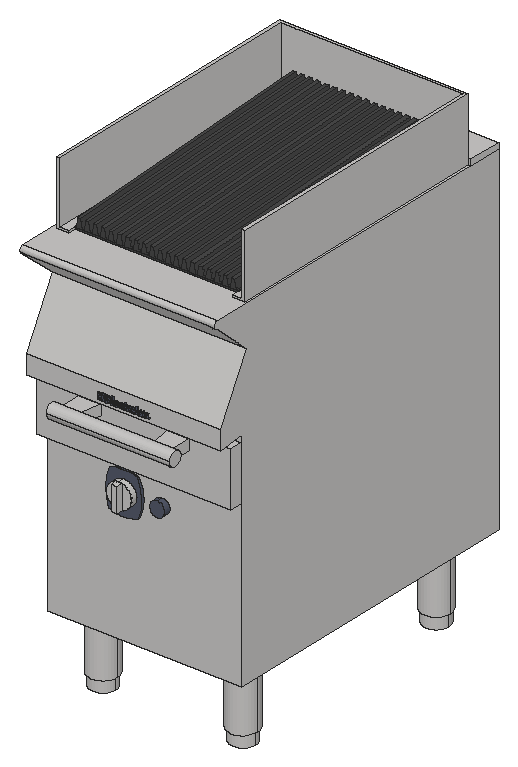
Revit family "QF_ELECTROLUXPROFESSIONAL_371237_E7GRGDGCFU", category Specialty Equipment, Revit 2018
Family settings
  Round Connector Dimension = Use Diameter
  Part Type = Normal
  Work Plane-Based = No
  Always vertical = Yes
  Cut with Voids When Loaded = No
  Shared = No
  Room Calculation Point = No
Parameters
  Width = 400.05 mm  # constant formula
  Weight in Pounds = 88  # constant formula
  Watts = 0 W
  URL Cutsheet = "www.electrolux.com/foodservice"
  URL = "www.electrolux.com/foodservice"
  Type Mark [instance] = ""
  Status [instance] = ""
  Specification by User [instance] = ""
  Specification by Manufacturer = ""
  Show Logo [instance] = yes
  Show Clearance [instance] = yes
  Serial Number = ""
  Seismic Rating = ""
  SMACNA No = ""
  Revision Code [instance] = ""
  Omniclass Number and Title = ""
  NAFEM Spec ID Number = ""
  Model = "371046"
  Mechanical Remarks = ""
  Mechanical Connection Type = ""
  Masterspec = ""
  Manufacturer = "ELECTROLUX"
  Item Number [instance] = ""
  Installed By [instance] = ""
  Identify Quantity as Lot [instance] = yes
  Height = 333.375 mm  # constant formula
  HP = "0 HP"
  Gas Size = 12.7 mm  # 1/2"
  Gas RI Height [instance] = 0 mm
  Gas KW = 8  # constant formula
  Gas Input [instance] = 7992.63 VA  # 27272.0 Btu/h
  Gas Connection Height = 0 mm
  Furnished By [instance] = ""
  Foodservice Equipment Identifier [instance] = yes
  Direct Waste Size = 0"
  Description = "700XP Half Module Freestanding Gas Char-Grill"
  Depth = 730.25 mm  # constant formula
  CSI MasterFormat = ""
  CSI Master Format = ""
  Base Height [instance] = 150 mm  # constant formula
  Assembly Code = ""
Reference planes
  plane 1 "BACK": y = 0
  plane 2: z = 0
  plane 3 "LEFT": x = 0
  plane 4 "RIGHT": x = 400.05
  plane 5 "FRONT": y = -730.25
  plane 6 "TOP": z = 982
  plane 7 "Center Y": x = 200.025
  plane 8 "Center X": y = -365.125
  plane 9 "BASE": z = 601
  plane 10 "TOP A": z = 851
  plane 11: y = -587.387
  plane 12: y = -90
  plane 13: z = 150
  plane 14: y = -754.062
Forms (mm)
  Extrusion 1, solid, material "QF_Finishes_Stainless Steel"
    sketch origin (0, 0, 0) x (0, 1, 0) y (0, 0, 1)
      loop
        line (0, 851) -> (-722.928, 851)
        arc (-722.928, 851) -> (-729.69, 846.314) -> (-727.679, 838.336) r 7.223
        line (-727.679, 838.336) -> (-646.919, 767.809) -> (-713.772, 646.19) -> (-713.772, 608.09) -> (-660.4, 613.7) -> (-660.4, 150) -> (0, 150) -> (0, 851)
      loop
        line (-687.387, 601) -> (-687.387, 487.732) -> (-661.987, 487.732) -> (-661.987, 601) -> (-687.387, 601)
    from 0 to 400.05
  Extrusion 2, solid, material "QF_Finishes_Navy Blue", visible <- "Show Logo"
    sketch origin (-140, -713.772, 608.09) x (0, 0, 1) y (-1, 0, 0)
      loop
        line (20.674, -296.698) -> (8.307, -296.698)
        arc (8.307, -296.698) -> (14.491, -301.27) -> (20.674, -296.698) r 6.467
      loop
        arc (20.674, -296.069) -> (19.505, -290.926) -> (14.849, -288.448) r 6.338
        line (14.849, -288.448) -> (14.849, -290.494)
        arc (14.849, -290.494) -> (16.333, -294.149) -> (19.778, -296.069) r 5.941
        line (19.778, -296.069) -> (20.674, -296.069)
      loop
        arc (9.203, -296.069) -> (12.648, -294.149) -> (14.132, -290.494) r 5.941
        line (14.132, -290.494) -> (14.132, -288.448)
        arc (14.132, -288.448) -> (9.438, -290.922) -> (8.148, -296.069) r 6.504
        line (8.148, -296.069) -> (9.203, -296.069)
      loop
        line (21.349, -287.979) -> (7.604, -287.979) -> (7.604, -301.742) -> (21.349, -301.742) -> (21.349, -287.979)
      loop
        arc (21.432, -304.71) -> (21.085, -304.352) -> (20.718, -304.69) r 0.358
        arc (20.718, -304.69) -> (20.404, -305.44) -> (19.687, -305.825) r 1.216
        line (19.687, -305.825) -> (9.274, -305.825)
        arc (9.274, -305.825) -> (8.614, -305.548) -> (8.218, -304.951) r 1.238
        arc (8.218, -304.951) -> (7.823, -304.7) -> (7.518, -305.054) r 0.358
        line (7.518, -305.054) -> (7.518, -314.933) -> (10.269, -314.933) -> (10.269, -314.036)
        arc (10.269, -314.036) -> (9.36, -313.456) -> (8.904, -312.479) r 1.928
        line (8.904, -312.479) -> (8.904, -309.98)
        arc (8.904, -309.98) -> (9.18, -309.251) -> (9.868, -308.887) r 1.101
        line (9.868, -308.887) -> (13.955, -308.887) -> (13.955, -312.561)
        arc (13.955, -312.561) -> (13.602, -313.058) -> (13.037, -313.286) r 1.083
        arc (13.037, -313.286) -> (12.773, -313.591) -> (13.065, -313.869) r 0.292
        line (13.065, -313.869) -> (16.028, -313.869)
        arc (16.028, -313.869) -> (16.33, -313.596) -> (16.092, -313.266) r 0.305
        arc (16.092, -313.266) -> (15.601, -313.018) -> (15.296, -312.561) r 1.083
        line (15.296, -312.561) -> (15.296, -308.887) -> (19.973, -308.887) -> (19.973, -312.635)
        arc (19.973, -312.635) -> (19.759, -313.39) -> (19.153, -313.888) r 1.314
        arc (19.153, -313.888) -> (18.934, -314.292) -> (19.288, -314.585) r 0.361
        line (19.288, -314.585) -> (21.432, -314.585) -> (21.432, -304.71)
      loop
        arc (20.715, -315.365) -> (20.335, -316.284) -> (19.416, -316.664) r 1.299
        line (19.416, -316.664) -> (9.837, -316.664)
        arc (9.837, -316.664) -> (8.999, -316.286) -> (8.728, -315.408) r 1.118
        line (8.728, -315.408) -> (7.518, -315.408) -> (7.518, -320.758) -> (8.706, -320.758)
        arc (8.706, -320.758) -> (8.978, -319.841) -> (9.848, -319.445) r 1.153
        line (9.848, -319.445) -> (21.92, -319.445) -> (20.715, -315.365)
      loop
        line (12.483, -323.394) -> (12.483, -329.842) -> (13.282, -329.842)
        arc (13.282, -329.842) -> (15.862, -328.857) -> (17.131, -326.404) r 3.874
        line (17.131, -326.404) -> (17.131, -324.643)
        arc (17.131, -324.643) -> (15.944, -321.778) -> (13.08, -320.592) r 4.051
        line (13.08, -320.592) -> (11.072, -320.592)
        arc (11.072, -320.592) -> (8.253, -322.077) -> (7.202, -325.084) r 4.352
        arc (7.202, -325.084) -> (7.566, -327.547) -> (8.943, -329.621) r 5.713
        line (8.943, -329.621) -> (9.892, -329.621)
        arc (9.892, -329.621) -> (9.16, -328.052) -> (8.943, -326.334) r 5.579
        arc (8.943, -326.334) -> (9.737, -324.371) -> (11.616, -323.394) r 3.057
        line (11.616, -323.394) -> (12.483, -323.394)
      loop
        line (13.742, -323.394) -> (13.742, -326.977)
        arc (13.742, -326.977) -> (15.199, -327.024) -> (16.082, -325.864) r 1.59
        line (16.082, -325.864) -> (16.082, -325.034)
        arc (16.082, -325.034) -> (15.217, -323.779) -> (13.742, -323.394) r 2.184
      loop
        arc (16.533, -339.259) -> (17.022, -337.585) -> (17.179, -335.848) r 9.023
        line (17.179, -335.848) -> (17.179, -334.486)
        arc (17.179, -334.486) -> (16.02, -331.686) -> (13.22, -330.527) r 3.959
        line (13.22, -330.527) -> (10.62, -330.527)
        arc (10.62, -330.527) -> (8.338, -331.819) -> (7.221, -334.192) r 4.331
        line (7.221, -334.192) -> (7.221, -336.327)
        arc (7.221, -336.327) -> (7.729, -337.877) -> (8.651, -339.223) r 5.772
        arc (8.651, -339.223) -> (9.412, -339.274) -> (9.499, -338.515) r 0.553
        arc (9.499, -338.515) -> (9.111, -337.781) -> (8.977, -336.962) r 2.573
        line (8.977, -336.962) -> (8.977, -335.447)
        arc (8.977, -335.447) -> (9.983, -333.806) -> (11.798, -333.163) r 2.884
        line (11.798, -333.163) -> (13.077, -333.163)
        arc (13.077, -333.163) -> (14.898, -333.723) -> (15.824, -335.388) r 2.554
        line (15.824, -335.388) -> (15.824, -336.441)
        arc (15.824, -336.441) -> (15.493, -337.369) -> (14.836, -338.104) r 2.564
        arc (14.836, -338.104) -> (14.614, -338.821) -> (15.223, -339.259) r 0.643
        line (15.223, -339.259) -> (16.533, -339.259)
      loop
        line (15.515, -339.53) -> (15.515, -341.031) -> (9.467, -341.031)
        arc (9.467, -341.031) -> (7.879, -341.688) -> (7.221, -343.276) r 2.246
        line (7.221, -343.276) -> (7.221, -344.86)
        arc (7.221, -344.86) -> (7.535, -345.725) -> (8.035, -346.496) r 4.06
        arc (8.035, -346.496) -> (8.768, -346.629) -> (9.019, -345.928) r 0.576
        arc (9.019, -345.928) -> (8.913, -345.403) -> (8.977, -344.87) r 1.69
        arc (8.977, -344.87) -> (9.519, -344.082) -> (10.425, -343.779) r 1.506
        line (10.425, -343.779) -> (15.563, -343.779) -> (15.563, -346.176) -> (16.119, -346.733) -> (16.941, -346.733) -> (16.941, -343.873) -> (20.172, -343.873) -> (15.515, -339.53)
      loop
        line (7.438, -347.63) -> (7.438, -353.017) -> (8.548, -353.017)
        arc (8.548, -353.017) -> (8.942, -352.066) -> (9.893, -351.672) r 1.345
        line (9.893, -351.672) -> (13.509, -351.672)
        arc (13.509, -351.672) -> (14.274, -352.264) -> (14.564, -353.186) r 1.615
        line (14.564, -353.186) -> (14.564, -354.742) -> (17.119, -355.427) -> (17.119, -354.044) -> (15.177, -351.485) -> (17.057, -351.485) -> (16.773, -348.779)
        arc (16.773, -348.779) -> (16.333, -348.249) -> (15.674, -348.45) r 0.621
        arc (15.674, -348.45) -> (15.274, -348.792) -> (14.78, -348.975) r 1.501
        line (14.78, -348.975) -> (9.893, -348.975)
        arc (9.893, -348.975) -> (8.942, -348.581) -> (8.548, -347.63) r 1.345
        line (8.548, -347.63) -> (7.438, -347.63)
      loop
        line (13.54, -354.964) -> (10.848, -354.964)
        arc (10.848, -354.964) -> (8.403, -356.272) -> (7.269, -358.803) r 4.288
        arc (7.269, -358.803) -> (7.205, -360.183) -> (7.269, -361.563) r 15.022
        arc (7.269, -361.563) -> (8.403, -364.094) -> (10.848, -365.401) r 4.288
        line (10.848, -365.401) -> (13.54, -365.401)
        arc (13.54, -365.401) -> (15.986, -364.094) -> (17.119, -361.563) r 4.288
        arc (17.119, -361.563) -> (17.183, -360.183) -> (17.119, -358.803) r 15.022
        arc (17.119, -358.803) -> (15.986, -356.272) -> (13.54, -354.964) r 4.288
      loop
        line (13.745, -358.078) -> (10.643, -358.078)
        arc (10.643, -358.078) -> (8.486, -360.235) -> (10.643, -362.392) r 2.157
        line (10.643, -362.392) -> (13.745, -362.392)
        arc (13.745, -362.392) -> (15.902, -360.235) -> (13.745, -358.078) r 2.157
      loop
        arc (20.726, -365.26) -> (20.355, -366.154) -> (19.461, -366.524) r 1.264
        line (19.461, -366.524) -> (9.597, -366.524)
        arc (9.597, -366.524) -> (8.727, -366.127) -> (8.455, -365.211) r 1.153
        line (8.455, -365.211) -> (7.518, -365.211) -> (7.518, -370.319) -> (8.446, -370.319)
        arc (8.446, -370.319) -> (8.805, -369.547) -> (9.597, -369.232) r 1.153
        line (9.597, -369.232) -> (21.92, -369.232) -> (20.726, -365.26)
      loop
        arc (15.846, -369.857) -> (15.647, -370.921) -> (14.678, -371.403) r 1.215
        line (14.678, -371.403) -> (9.658, -371.403)
        arc (9.658, -371.403) -> (8.043, -372.051) -> (7.322, -373.634) r 2.338
        line (7.322, -373.634) -> (7.322, -375.148)
        arc (7.322, -375.148) -> (7.497, -376.152) -> (7.999, -377.038) r 2.979
        line (7.999, -377.038) -> (7.518, -378.835) -> (7.518, -380.524) -> (16.943, -380.524) -> (16.649, -376.32) -> (15.863, -376.32)
        arc (15.863, -376.32) -> (15.507, -377.156) -> (14.755, -377.665) r 1.605
        line (14.755, -377.665) -> (9.652, -377.665)
        arc (9.652, -377.665) -> (9.232, -376.728) -> (9.159, -375.704) r 2.94
        arc (9.159, -375.704) -> (9.72, -374.603) -> (10.873, -374.16) r 1.724
        line (10.873, -374.16) -> (17.07, -374.16) -> (15.846, -369.857)
      loop
        line (16.874, -381.377) -> (15.202, -383.423) -> (12.028, -385.729) -> (8.572, -382.617)
        arc (8.572, -382.617) -> (8.335, -382.223) -> (8.357, -381.764) r 0.789
        line (8.357, -381.764) -> (7.518, -381.764) -> (7.518, -385.309) -> (8.344, -385.309)
        arc (8.344, -385.309) -> (8.686, -384.947) -> (9.176, -385.039) r 0.52
        line (9.176, -385.039) -> (10.976, -386.51) -> (8.858, -387.886)
        arc (8.858, -387.886) -> (8.457, -387.576) -> (8.37, -387.076) r 0.7
        line (8.37, -387.076) -> (7.518, -387.076) -> (7.518, -393.003) -> (8.405, -393.003)
        arc (8.405, -393.003) -> (8.472, -392.344) -> (8.866, -391.813) r 1.247
        line (8.866, -391.813) -> (13.066, -388.532) -> (15.513, -390.585) -> (16.874, -392.327) -> (16.874, -388.604) -> (15.389, -389.026) -> (13.868, -387.749) -> (15.568, -386.559) -> (16.874, -387.336) -> (16.874, -381.377)
    from 0 to 1.644
  Extrusion 3, solid, material "QF_Finishes_Clearance", visible <- "Show Clearance", detail levels coarse
    sketch origin (0, 0, 0) x (1, 0, 0) y (0, 1, 0)
      loop
        line (0, -730.25) -> (0, 0) -> (400.05, 0) -> (400.05, -730.25) -> (550.069, -730.25) -> (550.069, 150.019) -> (-150.019, 150.019) -> (-150.019, -730.25) -> (0, -730.25)
    from 0 to 982
  Revolve 4, solid, material "QF_Finishes_Stainless Steel"
    sketch origin (0, -587.387, 608.09) x (0, 0, 1) y (-1, 0, 0)
      loop
        line (-608.09, -56) -> (-458.09, -56) -> (-458.09, -26) -> (-583.09, -26) -> (-583.09, -29.75) -> (-608.09, -29.75) -> (-608.09, -56)
      axis (-608.09, -56) -> (-458.09, -56)
    angle from 0 to 360
  Revolve 5, solid, material "QF_Finishes_Stainless Steel"
    sketch origin (400.05, -587.387, 608.09) x (0, 0, 1) y (-1, 0, 0)
      loop
        line (-608.09, 56) -> (-608.09, 29.75) -> (-583.09, 29.75) -> (-583.09, 26) -> (-458.09, 26) -> (-458.09, 56) -> (-608.09, 56)
      axis (-608.09, 56) -> (-458.09, 56)
    angle from 0 to 360
  Revolve 6, solid, material "QF_Finishes_Stainless Steel"
    sketch origin (0, -90, 608.09) x (0, 0, 1) y (-1, 0, 0)
      loop
        line (-608.09, -56) -> (-458.09, -56) -> (-458.09, -26) -> (-583.09, -26) -> (-583.09, -29.75) -> (-608.09, -29.75) -> (-608.09, -56)
      axis (-608.09, -56) -> (-458.09, -56)
    angle from 0 to 360
  Revolve 7, solid, material "QF_Finishes_Stainless Steel"
    sketch origin (400.05, -90, 608.09) x (0, 0, 1) y (-1, 0, 0)
      loop
        line (-608.09, 56) -> (-608.09, 29.75) -> (-583.09, 29.75) -> (-583.09, 26) -> (-458.09, 26) -> (-458.09, 56) -> (-608.09, 56)
      axis (-608.09, 56) -> (-458.09, 56)
    angle from 0 to 360
  Extrusion 8, solid, material "QF_Finishes_Stainless Steel"
    sketch origin (-77.88, -4572, 150) x (-1, 0, 0) y (0, -1, 0)
      loop
        circle (-435.067, -4105.275) r 6.35
    from 3.2 to 0
  Extrusion 9, solid, material "QF_Finishes_Navy Blue"
    sketch origin (-0.598, -660.4, 355.674) x (0, 0, 1) y (-1, 0, 0)
      loop
        arc (105.947, -132.667) -> (68.865, -123.686) -> (31.333, -130.548) r 91.844
        arc (31.333, -130.548) -> (24.206, -161.19) -> (31.333, -191.833) r 69.441
        arc (31.333, -191.833) -> (68.854, -198.544) -> (105.947, -189.765) r 93.759
        arc (105.947, -189.765) -> (112.176, -161.216) -> (105.947, -132.667) r 68.543
    from 0 to 3.175
  Extrusion 10, solid, material "QF_Finishes_Stainless Steel"
    sketch origin (-0.598, -663.575, 355.674) x (0, 0, 1) y (-1, 0, 0)
      loop
        circle (68.826, -160.963) r 25.4
    from 0 to 12.7
  Extrusion 11, solid, material "QF_Finishes_Stainless Steel"
    sketch origin (-0.598, -676.275, 355.674) x (0, 0, 1) y (-1, 0, 0)
      loop
        arc (93.558, -166.749) -> (94.226, -160.963) -> (93.558, -155.177) r 25.4
        line (93.558, -155.177) -> (44.094, -155.177)
        arc (44.094, -155.177) -> (43.426, -160.963) -> (44.094, -166.749) r 25.4
        line (44.094, -166.749) -> (93.558, -166.749)
    from 0 to 12.7
  Extrusion 12, solid, material "QF_Finishes_Stainless Steel"
    sketch origin (-77.88, -4572, 150) x (-1, 0, 0) y (0, -1, 0)
      loop
        circle (-412.93, -4071) r 6.35
    from 50 to 48.4
  Extrusion 13, solid, material "QF_Finishes_Stainless Steel"
    sketch origin (200.025, 0, -2.5) x (0, 1, 0) y (0, 0, 1)
      loop
        circle (-740.063, 582.209) r 14
    from -127 to 127
  Extrusion 14, solid, material "QF_Finishes_Stainless Steel"
    sketch origin (-23.75, 0, 567.009) x (-1, 0, 0) y (0, -1, 0)
      loop
        line (-110.525, 741.563) -> (-144.518, 741.563) -> (-154.518, 687.387) -> (-110.525, 687.387) -> (-110.525, 741.563)
      loop
        line (-337.025, 741.563) -> (-337.025, 687.387) -> (-293.032, 687.387) -> (-303.032, 741.563) -> (-337.025, 741.563)
    from 0 to 21.491
  Extrusion 15, solid, material "QF_Finishes_Navy Blue"
    sketch origin (69.144, -660.4, 355.674) x (0, 0, 1) y (-1, 0, 0)
      loop
        circle (69.533, -167.488) r 15.24
    from 0 to 12.7
  Sweep 16, solid, material "QF_Finishes_Stainless Steel"
    path origin (0, 0, 851) x (0, -1, 0) y (1, 0, 0)
      loop
        line (644.885, 387.35) -> (76.2, 387.35) -> (76.2, 12.7) -> (644.885, 12.7)
    profile origin (12.7, -360.542, 851) x (1, 0, 0) y (0, 0, 1)
      loop
        line (-6.35, 0) -> (19.05, 0) -> (19.05, 3.2) -> (0, 3.2) -> (0, 131) -> (-6.35, 131) -> (-6.35, 0)
  Extrusion 17, solid, material "QF_Finishes_Black"
    sketch origin (200.025, 0, 0) x (0, 1, 0) y (0, 0, 1)
      loop
        line (-629.41, 851) -> (-76.2, 851) -> (-76.2, 883.24) -> (-629.41, 854.99) -> (-629.41, 851)
    from -168.275 to 168.275
  Extrusion 18, solid, material "QF_Finishes_Stainless Steel"
    sketch origin (0, 0, 851) x (0, -1, 0) y (1, 0, 0)
      loop
        line (69.85, 0) -> (69.85, 400.05) -> (0, 400.05) -> (0, 0) -> (69.85, 0)
    from 0 to 12.5
  Extrusion 19, solid, material "QF_Finishes_Drawer Clearance", visible <- "Show Clearance", detail levels coarse
    sketch origin (0, -687.387, 601) x (0, 0, -1) y (1, 0, 0)
      loop
        line (113.268, 400.05) -> (0, 400.05) -> (0, 0) -> (113.268, 0) -> (113.268, 400.05)
    from 0 to 676.275
Cuts and joins
  joined: Extrusion 13, Extrusion 14
Lines and regions (mm)
  symbolic lines, style "QF-Clearances", visible <- "Show Clearance", detail levels coarse
    curve 1: line (-150.019, 150.019, 851) -> (-150.019, -731.627, 851)
    curve 2: line (550.069, 150.019, 851) -> (-150.019, 150.019, 851)
    curve 3: line (550.069, -731.627, 851) -> (550.069, 150.019, 851)
  symbolic lines
    curve 4: line (0, 0, 851) -> (400.05, 0, 851)
    curve 5: line (0, -730.25, 851) -> (0, 0, 851)
    curve 6: line (400.05, 0, 851) -> (400.05, -730.25, 851)
    curve 7: line (0, -69.85, 851) -> (0, -63.012, 851)
    curve 8: line (400.05, -730.25, 851) -> (0, -730.25, 851)
    curve 9: line (0, -69.85, 851) -> (400.05, -69.85, 851)
    curve 20: line (31.75, -644.885, 851) -> (31.75, -76.2, 851)
    curve 21: line (368.3, -76.2, 851) -> (368.3, -644.885, 851)
    curve 22: line (73.025, -754.063, 851) -> (327.025, -754.063, 851)
    curve 23: line (73.025, -730.25, 851) -> (73.025, -754.063, 851)
    curve 24: line (327.025, -754.063, 851) -> (327.025, -730.25, 851)
    curve 25: line (31.75, -629.41, 851) -> (368.3, -629.41, 851)
  symbolic lines, style "QF_Drawer Clearance"
    curve 10: line (0, -730.25, 851) -> (0, -1363.662, 851)
    curve 11: line (0, -1363.662, 851) -> (400.05, -1363.663, 851)
    curve 12: line (400.05, -1363.663, 851) -> (400.05, -730.25, 851)
  symbolic lines, style "SpecialityEquipment"
    curve 13: line (6.35, -69.85, 851) -> (6.35, -644.885, 851)
    curve 14: line (6.35, -644.885, 851) -> (31.75, -644.885, 851)
    curve 15: line (12.7, -644.885, 851) -> (12.7, -76.2, 851)
    curve 16: line (12.7, -76.2, 851) -> (387.35, -76.2, 851)
    curve 17: line (387.35, -76.2, 851) -> (387.35, -644.885, 851)
    curve 18: line (368.3, -644.885, 851) -> (393.7, -644.885, 851)
    curve 19: line (393.7, -644.885, 851) -> (393.7, -69.85, 851)
Dimensions and locks
  equal spacing: plane 3 "LEFT", plane 7 "Center Y", plane 4 "RIGHT"
  "Width": plane 3 "LEFT" to plane 4 "RIGHT"
  equal spacing: plane 5 "FRONT", plane 8 "Center X", plane 1 "BACK"
  "Depth": plane 5 "FRONT" to plane 1 "BACK"
  plane 1 "BACK" to plane 5 "FRONT" = 730.25 mm
  locked: plane 10 "TOP A" to plane 9 "BASE" at 250
  "Base Height": plane 13 to level
  Extrusion 8 sketch curve to plane 1 "BACK" = 466.725 mm
  Extrusion 8 sketch curve to plane 4 "RIGHT" = 42.863 mm
  plane 6 "TOP" to level = 982 mm
  plane 1 "BACK" to plane 14 = 754.063 mm
  equal spacing: group 1, group 3, group 4, group 5, group 6, group 7, group 8, group 9, group 10, group 11, group 12, group 13, group 14, group 15, group 16, group 17, group 18, group 19, group 20, group 2  (x3)
  aligned and locked: level to plane 2
  aligned and locked: plane 4 "RIGHT" to Extrusion 1
  aligned and locked: plane 6 "TOP" to Extrusion 3
Automatic sketch dimensions
  Extrusion 1 sketch curve to plane 10 "TOP A" = 0 mm
  Extrusion 1 sketch curve to plane 9 "BASE" = 0 mm
  Extrusion 1 sketch curve to plane 13 = 0 mm
  Extrusion 1 sketch curve to plane 1 "BACK" = 0 mm
  plane 11 to Extrusion 1 sketch curve = 59.531 mm
  plane 9 "BASE" to Extrusion 1 sketch curve = 12.7 mm
  Extrusion 1 sketch curve to plane 5 "FRONT" = 69.85 mm
  Extrusion 1 sketch curve to Extrusion 1 sketch curve = 1.588 mm
  Extrusion 1 sketch curve to Extrusion 1 sketch curve = 25.4 mm
  plane 9 "BASE" to Extrusion 1 sketch curve = 7.09 mm
  Extrusion 1 sketch curve to plane 5 "FRONT" = 16.478 mm
  Extrusion 1 sketch curve to plane 5 "FRONT" = 7.322 mm
  Extrusion 1 sketch curve to plane 5 "FRONT" = 2.571 mm
  Extrusion 1 sketch curve to Extrusion 1 sketch curve = 113.268 mm
  Extrusion 1 sketch curve to Extrusion 1 sketch curve = 38.1 mm
  Extrusion 1 sketch curve to plane 10 "TOP A" = 83.191 mm
  Extrusion 1 sketch curve to plane 10 "TOP A" = 12.664 mm
  Extrusion 2 sketch curve to Extrusion 1 = 2.161 mm
  Extrusion 2 sketch curve to Extrusion 1 = 7.202 mm
  Extrusion 2 sketch curve to Extrusion 1 = 7.221 mm  (x2)
  Extrusion 2 sketch curve to Extrusion 2 sketch curve = 5.108 mm  (x2)
  Extrusion 2 sketch curve to Extrusion 2 sketch curve = 0 mm  (x27)
  Extrusion 2 sketch curve to Extrusion 1 = 7.322 mm
  Extrusion 2 sketch curve to Extrusion 2 sketch curve = 0.218 mm
  Extrusion 2 sketch curve to Extrusion 2 sketch curve = 0.195 mm
  Extrusion 2 sketch curve to Extrusion 2 sketch curve = 0.249 mm
  Extrusion 2 sketch curve to Extrusion 1 = 7.518 mm
  Extrusion 2 sketch curve to Extrusion 2 sketch curve = 0.087 mm
  Extrusion 2 sketch curve to Extrusion 2 sketch curve = 0.358 mm
  Extrusion 2 sketch curve to Extrusion 2 sketch curve = 0.481 mm
  Extrusion 2 sketch curve to Extrusion 2 sketch curve = 0.597 mm
  Extrusion 2 sketch curve to Extrusion 2 sketch curve = 0.544 mm
  Extrusion 2 sketch curve to Extrusion 2 sketch curve = 0.936 mm
  Extrusion 2 sketch curve to Extrusion 2 sketch curve = 0.594 mm
  Extrusion 2 sketch curve to Extrusion 2 sketch curve = 0.343 mm
  Extrusion 2 sketch curve to Extrusion 2 sketch curve = 0.159 mm
  Extrusion 2 sketch curve to Extrusion 2 sketch curve = 0.826 mm
  Extrusion 2 sketch curve to Extrusion 2 sketch curve = 0.839 mm
  Extrusion 2 sketch curve to Extrusion 2 sketch curve = 0.852 mm
  Extrusion 2 sketch curve to Extrusion 2 sketch curve = 0.887 mm
  Extrusion 2 sketch curve to Extrusion 2 sketch curve = 0.928 mm
  Extrusion 2 sketch curve to Extrusion 2 sketch curve = 0.938 mm
  Extrusion 2 sketch curve to Extrusion 2 sketch curve = 0.444 mm
  Extrusion 2 sketch curve to Extrusion 2 sketch curve = 1.11 mm  (x3)
  Extrusion 2 sketch curve to Extrusion 2 sketch curve = 0.215 mm
  Extrusion 2 sketch curve to Extrusion 2 sketch curve = 1.43 mm
  Extrusion 2 sketch curve to Extrusion 2 sketch curve = 1.188 mm
  Extrusion 2 sketch curve to Extrusion 2 sketch curve = 1.21 mm  (x2)
  Extrusion 2 sketch curve to Extrusion 2 sketch curve = 0.503 mm
  Extrusion 2 sketch curve to Extrusion 2 sketch curve = 0.488 mm
  Extrusion 2 sketch curve to Extrusion 2 sketch curve = 0.462 mm
  Extrusion 2 sketch curve to Extrusion 2 sketch curve = 1.386 mm
  Extrusion 2 sketch curve to Extrusion 2 sketch curve = 1.742 mm  (x2)
  Extrusion 2 sketch curve to Extrusion 2 sketch curve = 0.821 mm
  Extrusion 2 sketch curve to Extrusion 2 sketch curve = 0.497 mm
  Extrusion 2 sketch curve to Extrusion 2 sketch curve = 0.539 mm
  Extrusion 2 sketch curve to Extrusion 2 sketch curve = 0.686 mm
  Extrusion 2 sketch curve to Extrusion 2 sketch curve = 0.408 mm
  Extrusion 2 sketch curve to Extrusion 2 sketch curve = 0.743 mm
  Extrusion 2 sketch curve to Extrusion 2 sketch curve = 1.16 mm
  Extrusion 2 sketch curve to Extrusion 2 sketch curve = 0.329 mm
  Extrusion 2 sketch curve to Extrusion 2 sketch curve = 1.054 mm
  Extrusion 2 sketch curve to Extrusion 2 sketch curve = 1.056 mm
  Extrusion 2 sketch curve to Extrusion 2 sketch curve = 0.129 mm
  Extrusion 2 sketch curve to Extrusion 2 sketch curve = 0.489 mm
  Extrusion 2 sketch curve to Extrusion 2 sketch curve = 0.441 mm
  Extrusion 2 sketch curve to Extrusion 2 sketch curve = 1.151 mm
  Extrusion 2 sketch curve to Extrusion 2 sketch curve = 1.141 mm  (x2)
  Extrusion 2 sketch curve to Extrusion 2 sketch curve = 0.768 mm
  Extrusion 2 sketch curve to Extrusion 2 sketch curve = 1.653 mm
  Extrusion 2 sketch curve to Extrusion 2 sketch curve = 0.499 mm
  Extrusion 2 sketch curve to Extrusion 2 sketch curve = 0.964 mm
  Extrusion 2 sketch curve to Extrusion 2 sketch curve = 0.949 mm
  Extrusion 2 sketch curve to Extrusion 2 sketch curve = 1.345 mm  (x3)
  Extrusion 2 sketch curve to Extrusion 2 sketch curve = 0.137 mm  (x2)
  Extrusion 2 sketch curve to Extrusion 2 sketch curve = 0.432 mm
  Extrusion 2 sketch curve to Extrusion 2 sketch curve = 1.142 mm
  Extrusion 2 sketch curve to Extrusion 2 sketch curve = 0.959 mm
  Extrusion 2 sketch curve to Extrusion 2 sketch curve = 0.176 mm
  Extrusion 2 sketch curve to Extrusion 2 sketch curve = 0.728 mm
  Extrusion 2 sketch curve to Extrusion 2 sketch curve = 3.375 mm  (x2)
  Extrusion 2 sketch curve to Extrusion 2 sketch curve = 1.905 mm
  Extrusion 2 sketch curve to Extrusion 2 sketch curve = 0.955 mm
  Extrusion 2 sketch curve to Extrusion 2 sketch curve = 1.251 mm
  Extrusion 2 sketch curve to Extrusion 2 sketch curve = 0.572 mm
  Extrusion 2 sketch curve to Extrusion 2 sketch curve = 1.92 mm
  Extrusion 2 sketch curve to Extrusion 2 sketch curve = 1.224 mm
  Extrusion 2 sketch curve to Extrusion 2 sketch curve = 0.745 mm
  Extrusion 2 sketch curve to Extrusion 2 sketch curve = 2.537 mm
  Extrusion 2 sketch curve to Extrusion 2 sketch curve = 0.896 mm  (x3)
  Extrusion 2 sketch curve to Extrusion 2 sketch curve = 0.036 mm
  Extrusion 2 sketch curve to Extrusion 2 sketch curve = 2.607 mm
  Extrusion 2 sketch curve to Extrusion 2 sketch curve = 0.066 mm
  Extrusion 2 sketch curve to Extrusion 2 sketch curve = 0.248 mm
  Extrusion 2 sketch curve to Extrusion 2 sketch curve = 0.449 mm
  Extrusion 2 sketch curve to Extrusion 2 sketch curve = 1.052 mm
  Extrusion 2 sketch curve to Extrusion 2 sketch curve = 1.863 mm
  Extrusion 2 sketch curve to Extrusion 2 sketch curve = 1.31 mm  (x2)
  Extrusion 2 sketch curve to Extrusion 2 sketch curve = 0.901 mm
  Extrusion 2 sketch curve to Extrusion 2 sketch curve = 1.107 mm
  Extrusion 2 sketch curve to Extrusion 2 sketch curve = 2.122 mm
  Extrusion 2 sketch curve to Extrusion 2 sketch curve = 2.101 mm
  Extrusion 2 sketch curve to Extrusion 2 sketch curve = 0.106 mm
  Extrusion 2 sketch curve to Extrusion 2 sketch curve = 0.029 mm
  Extrusion 2 sketch curve to Extrusion 2 sketch curve = 2.09 mm
  Extrusion 2 sketch curve to Extrusion 2 sketch curve = 1.279 mm
  Extrusion 2 sketch curve to Extrusion 2 sketch curve = 2.008 mm
  Extrusion 2 sketch curve to Extrusion 2 sketch curve = 0.738 mm
  Extrusion 2 sketch curve to Extrusion 2 sketch curve = 0.382 mm
  Extrusion 2 sketch curve to Extrusion 2 sketch curve = 0.384 mm
  Extrusion 2 sketch curve to Extrusion 2 sketch curve = 0.002 mm
  Extrusion 2 sketch curve to Extrusion 2 sketch curve = 0.561 mm
  Extrusion 2 sketch curve to Extrusion 2 sketch curve = 0.592 mm
  Extrusion 2 sketch curve to Extrusion 2 sketch curve = 2.692 mm
  Extrusion 2 sketch curve to Extrusion 2 sketch curve = 1.259 mm
  Extrusion 2 sketch curve to Extrusion 2 sketch curve = 0.802 mm
  Extrusion 2 sketch curve to Extrusion 2 sketch curve = 1.024 mm
  Extrusion 2 sketch curve to Extrusion 2 sketch curve = 0.682 mm
  Extrusion 2 sketch curve to Extrusion 2 sketch curve = 5.934 mm
  Extrusion 2 sketch curve to Extrusion 2 sketch curve = 2.186 mm
  Extrusion 2 sketch curve to Extrusion 2 sketch curve = 0.337 mm
  Extrusion 2 sketch curve to Extrusion 2 sketch curve = 0.021 mm
  Extrusion 2 sketch curve to Extrusion 2 sketch curve = 1.005 mm
  Extrusion 2 sketch curve to Extrusion 2 sketch curve = 0.552 mm
  Extrusion 2 sketch curve to Extrusion 2 sketch curve = 0.778 mm
  Extrusion 2 sketch curve to Extrusion 2 sketch curve = 0.063 mm
  Extrusion 2 sketch curve to Extrusion 2 sketch curve = 1.023 mm
  Extrusion 2 sketch curve to Extrusion 2 sketch curve = 3.804 mm
  Extrusion 2 sketch curve to Extrusion 2 sketch curve = 0.486 mm
  Extrusion 2 sketch curve to Extrusion 2 sketch curve = 0.266 mm
  Extrusion 2 sketch curve to Extrusion 2 sketch curve = 1.547 mm
  Extrusion 2 sketch curve to Extrusion 2 sketch curve = 0.717 mm  (x2)
  Extrusion 2 sketch curve to Extrusion 2 sketch curve = 1.667 mm
  Extrusion 2 sketch curve to Extrusion 2 sketch curve = 3.174 mm
  Extrusion 2 sketch curve to Extrusion 2 sketch curve = 0.388 mm
  Extrusion 2 sketch curve to Extrusion 2 sketch curve = 1.342 mm
  Extrusion 2 sketch curve to Extrusion 2 sketch curve = 1.521 mm
  Extrusion 2 sketch curve to Extrusion 2 sketch curve = 0.124 mm
  Extrusion 2 sketch curve to Extrusion 2 sketch curve = 0.291 mm
  Extrusion 2 sketch curve to Extrusion 2 sketch curve = 1.049 mm  (x2)
  Extrusion 2 sketch curve to Extrusion 2 sketch curve = 1.7 mm
  Extrusion 2 sketch curve to Extrusion 2 sketch curve = 0.894 mm
  Extrusion 2 sketch curve to Extrusion 2 sketch curve = 0.989 mm
  Extrusion 2 sketch curve to Extrusion 2 sketch curve = 1.168 mm
  Extrusion 2 sketch curve to Extrusion 2 sketch curve = 1.594 mm
  Extrusion 2 sketch curve to Extrusion 2 sketch curve = 0.731 mm
  Extrusion 2 sketch curve to Extrusion 2 sketch curve = 1.566 mm
  Extrusion 2 sketch curve to Extrusion 2 sketch curve = 0.064 mm
  Extrusion 2 sketch curve to Extrusion 2 sketch curve = 0.556 mm  (x2)
  Extrusion 2 sketch curve to Extrusion 2 sketch curve = 0.48 mm
  Extrusion 2 sketch curve to Extrusion 2 sketch curve = 0.228 mm
  Extrusion 2 sketch curve to Extrusion 2 sketch curve = 1.018 mm
  Extrusion 2 sketch curve to Extrusion 2 sketch curve = 0.787 mm
  Extrusion 2 sketch curve to Extrusion 2 sketch curve = 0.618 mm
  Extrusion 2 sketch curve to Extrusion 2 sketch curve = 1.672 mm
  Extrusion 2 sketch curve to Extrusion 2 sketch curve = 1.361 mm
  Extrusion 2 sketch curve to Extrusion 2 sketch curve = 0.822 mm
  Extrusion 2 sketch curve to Extrusion 2 sketch curve = 0.069 mm
  Extrusion 2 sketch curve to Extrusion 2 sketch curve = 1.88 mm
  Extrusion 2 sketch curve to Extrusion 2 sketch curve = 0.42 mm
  Extrusion 2 sketch curve to Extrusion 2 sketch curve = 0.062 mm
  Extrusion 2 sketch curve to Extrusion 2 sketch curve = 1.355 mm
  Extrusion 2 sketch curve to Extrusion 2 sketch curve = 2.34 mm
  Extrusion 2 sketch curve to Extrusion 2 sketch curve = 0.493 mm
  Extrusion 2 sketch curve to Extrusion 2 sketch curve = 0.136 mm
  Extrusion 2 sketch curve to Extrusion 2 sketch curve = 0.128 mm
  Extrusion 2 sketch curve to Extrusion 2 sketch curve = 3.616 mm
  Extrusion 2 sketch curve to Extrusion 2 sketch curve = 4.207 mm
  Extrusion 2 sketch curve to Extrusion 2 sketch curve = 0.183 mm
  Extrusion 2 sketch curve to Extrusion 2 sketch curve = 0.895 mm
  Extrusion 2 sketch curve to Extrusion 2 sketch curve = 1.314 mm
  Extrusion 2 sketch curve to Extrusion 2 sketch curve = 3.231 mm
  Extrusion 2 sketch curve to Extrusion 2 sketch curve = 1.299 mm
  Extrusion 2 sketch curve to Extrusion 2 sketch curve = 1.214 mm
  Extrusion 2 sketch curve to Extrusion 2 sketch curve = 1.264 mm
  Extrusion 2 sketch curve to Extrusion 2 sketch curve = 0.109 mm
  Extrusion 2 sketch curve to Extrusion 2 sketch curve = 0.357 mm
  Extrusion 2 sketch curve to Extrusion 2 sketch curve = 0.565 mm
  Extrusion 2 sketch curve to Extrusion 2 sketch curve = 2.504 mm
  Extrusion 2 sketch curve to Extrusion 2 sketch curve = 2.459 mm
  Extrusion 1 to Extrusion 2 sketch curve = 147.047 mm
  Extrusion 2 sketch curve to Extrusion 2 sketch curve = 0.208 mm
  Extrusion 2 sketch curve to Extrusion 2 sketch curve = 0.468 mm  (x2)
  Extrusion 2 sketch curve to Extrusion 2 sketch curve = 1.559 mm
  Extrusion 2 sketch curve to Extrusion 2 sketch curve = 0.422 mm  (x2)
  Extrusion 2 sketch curve to Extrusion 2 sketch curve = 0.494 mm
  Extrusion 2 sketch curve to Extrusion 2 sketch curve = 3.927 mm
  Extrusion 2 sketch curve to Extrusion 2 sketch curve = 0.782 mm
  Extrusion 2 sketch curve to Extrusion 2 sketch curve = 1.268 mm
  Extrusion 2 sketch curve to Extrusion 2 sketch curve = 0.671 mm
  Extrusion 2 sketch curve to Extrusion 2 sketch curve = 0.777 mm
  Extrusion 2 sketch curve to Extrusion 2 sketch curve = 0.704 mm
  Extrusion 2 sketch curve to Extrusion 2 sketch curve = 0.781 mm  (x2)
  Extrusion 2 sketch curve to Extrusion 2 sketch curve = 1.634 mm
  Extrusion 2 sketch curve to Extrusion 2 sketch curve = 0.132 mm
  Extrusion 2 sketch curve to Extrusion 2 sketch curve = 3.136 mm
  Extrusion 2 sketch curve to Extrusion 2 sketch curve = 2.422 mm
  Extrusion 2 sketch curve to Extrusion 2 sketch curve = 0.586 mm
  Extrusion 2 sketch curve to Extrusion 2 sketch curve = 2.046 mm  (x2)
  Extrusion 2 sketch curve to Extrusion 2 sketch curve = 1.241 mm
  Extrusion 2 sketch curve to Extrusion 2 sketch curve = 1.689 mm
  Extrusion 2 sketch curve to Extrusion 2 sketch curve = 2.859 mm
  Extrusion 2 sketch curve to Extrusion 2 sketch curve = 0.627 mm
  Extrusion 2 sketch curve to Extrusion 2 sketch curve = 0.863 mm
  Extrusion 2 sketch curve to Extrusion 2 sketch curve = 0.419 mm
  Extrusion 2 sketch curve to Extrusion 2 sketch curve = 1.514 mm
  Extrusion 2 sketch curve to Extrusion 2 sketch curve = 1.019 mm
  Extrusion 2 sketch curve to Extrusion 2 sketch curve = 0.065 mm
  Extrusion 2 sketch curve to Extrusion 2 sketch curve = 1.215 mm
  Extrusion 2 sketch curve to Extrusion 2 sketch curve = 2.708 mm
  Extrusion 2 sketch curve to Extrusion 2 sketch curve = 1.122 mm
  Extrusion 2 sketch curve to Extrusion 2 sketch curve = 1.153 mm
  Extrusion 2 sketch curve to Extrusion 2 sketch curve = 3.009 mm
  Extrusion 2 sketch curve to Extrusion 2 sketch curve = 0.829 mm  (x2)
  Extrusion 2 sketch curve to Extrusion 2 sketch curve = 0.934 mm
  Extrusion 2 sketch curve to Extrusion 2 sketch curve = 3.376 mm
  Extrusion 2 sketch curve to Extrusion 2 sketch curve = 0.222 mm
  Extrusion 2 sketch curve to Extrusion 2 sketch curve = 1.383 mm
  Extrusion 2 sketch curve to Extrusion 2 sketch curve = 1.556 mm
  Extrusion 2 sketch curve to Extrusion 2 sketch curve = 2.559 mm
  Extrusion 2 sketch curve to Extrusion 2 sketch curve = 2.51 mm
  Extrusion 2 sketch curve to Extrusion 2 sketch curve = 0.131 mm
  Extrusion 2 sketch curve to Extrusion 2 sketch curve = 1.717 mm
  Extrusion 2 sketch curve to Extrusion 2 sketch curve = 1.134 mm
  Extrusion 2 sketch curve to Extrusion 2 sketch curve = 0.366 mm
  Extrusion 2 sketch curve to Extrusion 2 sketch curve = 0.094 mm
  Extrusion 2 sketch curve to Extrusion 2 sketch curve = 1.584 mm
  Extrusion 2 sketch curve to Extrusion 2 sketch curve = 1.501 mm
  Extrusion 2 sketch curve to Extrusion 2 sketch curve = 0.27 mm
  Extrusion 2 sketch curve to Extrusion 2 sketch curve = 1.808 mm
  Extrusion 2 sketch curve to Extrusion 2 sketch curve = 0.643 mm
  Extrusion 2 sketch curve to Extrusion 2 sketch curve = 0.916 mm
  Extrusion 2 sketch curve to Extrusion 2 sketch curve = 0.352 mm
  Extrusion 2 sketch curve to Extrusion 2 sketch curve = 0.458 mm
  Extrusion 2 sketch curve to Extrusion 2 sketch curve = 1.282 mm
  Extrusion 2 sketch curve to Extrusion 2 sketch curve = 1.363 mm
  Extrusion 2 sketch curve to Extrusion 2 sketch curve = 0.685 mm
  Extrusion 2 sketch curve to Extrusion 2 sketch curve = 0.905 mm
  Extrusion 2 sketch curve to Extrusion 2 sketch curve = 2.865 mm
  Extrusion 2 sketch curve to Extrusion 2 sketch curve = 0.472 mm
  Extrusion 2 sketch curve to Extrusion 2 sketch curve = 0.101 mm
  Extrusion 2 sketch curve to Extrusion 2 sketch curve = 0.54 mm
  Extrusion 2 sketch curve to Extrusion 2 sketch curve = 0.02 mm
  Extrusion 2 sketch curve to Extrusion 2 sketch curve = 0.582 mm
  Extrusion 2 sketch curve to Extrusion 2 sketch curve = 0.166 mm
  Extrusion 2 sketch curve to Extrusion 2 sketch curve = 0.16 mm
  Extrusion 2 sketch curve to Extrusion 2 sketch curve = 2.781 mm
  Extrusion 2 sketch curve to Extrusion 2 sketch curve = 1.118 mm
  Extrusion 2 sketch curve to Extrusion 2 sketch curve = 0.613 mm
  Extrusion 2 sketch curve to Extrusion 2 sketch curve = 0.361 mm
  Extrusion 2 sketch curve to Extrusion 2 sketch curve = 0.897 mm
  Extrusion 2 sketch curve to Extrusion 2 sketch curve = 0.167 mm
  Extrusion 2 sketch curve to Extrusion 2 sketch curve = 0.292 mm
  Extrusion 2 sketch curve to Extrusion 2 sketch curve = 0.305 mm
  Extrusion 2 sketch curve to Extrusion 2 sketch curve = 1.557 mm
  Extrusion 2 sketch curve to Extrusion 2 sketch curve = 2.499 mm
  Extrusion 2 sketch curve to Extrusion 2 sketch curve = 3.062 mm
  Extrusion 2 sketch curve to Extrusion 2 sketch curve = 2.968 mm
  Extrusion 2 sketch curve to Extrusion 2 sketch curve = 5.044 mm
  Extrusion 2 sketch curve to Extrusion 2 sketch curve = 0.629 mm  (x2)
  Extrusion 2 sketch curve to Extrusion 2 sketch curve = 1.131 mm
  Extrusion 2 sketch curve to Extrusion 2 sketch curve = 0.027 mm
  Extrusion 2 sketch curve to Extrusion 2 sketch curve = 2.235 mm
  plane 5 "FRONT" to Extrusion 3 sketch curve = 0 mm  (x2)
  plane 1 "BACK" to Extrusion 3 sketch curve = 0 mm
  Extrusion 3 sketch curve to plane 3 "LEFT" = 0 mm
  Extrusion 3 sketch curve to plane 4 "RIGHT" = 0 mm
  Extrusion 3 sketch curve to plane 3 "LEFT" = 150.019 mm
  Extrusion 3 sketch curve to Extrusion 3 sketch curve = 150.019 mm
  Extrusion 3 sketch curve to plane 1 "BACK" = 150.019 mm
  Revolve 4 sketch curve to level = 0 mm
  Revolve 4 sketch curve to plane 13 = 0 mm  (x2)
  level to Revolve 4 sketch curve = 25 mm
  Revolve 4 sketch curve to Revolve 4 sketch curve = 20 mm
  plane 3 "LEFT" to Revolve 4 sketch curve = 56 mm
  Revolve 4 sketch curve to Revolve 4 sketch curve = 0 mm
  plane 3 "LEFT" to Revolve 4 sketch curve = 29.75 mm
  plane 3 "LEFT" to Revolve 4 sketch curve = 26 mm
  Revolve 5 sketch curve to level = 0 mm
  Revolve 5 sketch curve to plane 13 = 0 mm  (x2)
  level to Revolve 5 sketch curve = 25 mm
  Revolve 5 sketch curve to Revolve 5 sketch curve = 20 mm
  Revolve 5 sketch curve to plane 4 "RIGHT" = 26 mm
  Revolve 5 sketch curve to Revolve 5 sketch curve = 3.75 mm
  Revolve 5 sketch curve to Revolve 5 sketch curve = 30 mm
  Revolve 5 sketch curve to Revolve 5 sketch curve = 0 mm
  Revolve 6 sketch curve to level = 0 mm
  Revolve 6 sketch curve to plane 13 = 0 mm  (x2)
  level to Revolve 6 sketch curve = 25 mm
  Revolve 6 sketch curve to Revolve 6 sketch curve = 20 mm
  plane 3 "LEFT" to Revolve 6 sketch curve = 56 mm
  Revolve 6 sketch curve to Revolve 6 sketch curve = 0 mm
  plane 3 "LEFT" to Revolve 6 sketch curve = 29.75 mm
  plane 3 "LEFT" to Revolve 6 sketch curve = 26 mm
  Revolve 7 sketch curve to level = 0 mm
  Revolve 7 sketch curve to plane 13 = 0 mm  (x2)
  level to Revolve 7 sketch curve = 25 mm
  Revolve 7 sketch curve to Revolve 7 sketch curve = 20 mm
  Revolve 7 sketch curve to plane 4 "RIGHT" = 26 mm
  Revolve 7 sketch curve to Revolve 7 sketch curve = 3.75 mm
  Revolve 7 sketch curve to Revolve 7 sketch curve = 30 mm
  Revolve 7 sketch curve to Revolve 7 sketch curve = 0 mm
  Extrusion 9 sketch curve to plane 7 "Center Y" = 70.075 mm
  Extrusion 9 sketch curve to plane 9 "BASE" = 213.993 mm
  Extrusion 9 sketch curve to Extrusion 9 sketch curve = 0 mm
  Extrusion 9 sketch curve to Extrusion 9 sketch curve = 12.3 mm  (x3)
  Extrusion 9 sketch curve to Extrusion 9 sketch curve = 34.925 mm  (x2)
  Extrusion 9 sketch curve to plane 7 "Center Y" = 95.802 mm
  Extrusion 9 sketch curve to Extrusion 9 sketch curve = 50.015 mm
  Extrusion 9 sketch curve to plane 7 "Center Y" = 67.956 mm
  Extrusion 9 sketch curve to Extrusion 9 sketch curve = 23.66 mm
  Extrusion 11 sketch curve to Extrusion 11 sketch curve = 24.732 mm
  Extrusion 11 sketch curve to Extrusion 11 sketch curve = 0 mm
  Extrusion 12 sketch curve to Extrusion 12 sketch curve = 0 mm  (x2)
  Extrusion 12 sketch curve to plane 4 "RIGHT" = 58.65 mm
  Extrusion 12 sketch curve to Extrusion 12 sketch curve = 6.35 mm
  Extrusion 12 sketch curve to plane 11 = 86.388 mm
  plane 5 "FRONT" to Extrusion 13 sketch curve = 9.813 mm
  Extrusion 13 sketch curve to plane 9 "BASE" = 21.291 mm
  Extrusion 14 sketch curve to plane 5 "FRONT" = 42.863 mm  (x2)
  Extrusion 14 sketch curve to plane 4 "RIGHT" = 86.775 mm
  plane 5 "FRONT" to Extrusion 14 sketch curve = 11.313 mm  (x2)
  Extrusion 14 sketch curve to Extrusion 14 sketch curve = 33.993 mm
  Extrusion 14 sketch curve to Extrusion 14 sketch curve = 43.993 mm  (x2)
  Extrusion 14 sketch curve to plane 7 "Center Y" = 69.257 mm
  Extrusion 14 sketch curve to Extrusion 14 sketch curve = 10 mm
  plane 7 "Center Y" to Extrusion 15 sketch curve = 36.607 mm
  Extrusion 15 sketch curve to plane 9 "BASE" = 175.792 mm
  Extrusion 1 to Sweep 16 sketch curve = 12.7 mm  (x2)
  Extrusion 1 to Sweep 16 sketch curve = 76.2 mm
  Sweep 16 sketch curve to Extrusion 1 = 78.043 mm  (x2)
  profile plane to Sweep 16 sketch curve = 6.35 mm
  Sweep 16 sketch curve to profile plane = 0 mm
  Sweep 16 sketch curve to Sweep 16 sketch curve = 127.8 mm
  profile plane to Sweep 16 sketch curve = 3.2 mm
  Sweep 16 sketch curve to profile plane = 19.05 mm
  profile plane to Sweep 16 sketch curve = 0 mm
  Extrusion 17 sketch curve to plane 10 "TOP A" = 0 mm
  plane 11 to Extrusion 17 sketch curve = 42.023 mm
  plane 10 "TOP A" to Extrusion 17 sketch curve = 3.99 mm
  Extrusion 17 sketch curve to plane 12 = 13.8 mm
  Extrusion 17 sketch curve to Extrusion 17 sketch curve = 32.24 mm
  Extrusion 1 to Extrusion 18 sketch curve = 0 mm  (x2)
  Extrusion 18 sketch curve to Extrusion 1 = 0 mm
  Extrusion 18 sketch curve to Extrusion 18 sketch curve = 69.85 mm
  Extrusion 19 sketch curve to Extrusion 1 = 0 mm  (x3)
  Extrusion 1 to Extrusion 19 sketch curve = 0 mm
  curve 11 to plane 4 "RIGHT" = 0 mm
  plane 5 "FRONT" to curve 24 = 0 mm
  curve 22 to plane 14 = 0 mm
  curve 11 to plane 3 "LEFT" = 0 mm
  curve 7 to plane 3 "LEFT" = 0 mm
  plane 1 "BACK" to curve 5 = 0 mm
  plane 4 "RIGHT" to curve 3 = 150.019 mm
  curve 18 to plane 4 "RIGHT" = 6.35 mm
  curve 19 to curve 17 = 6.35 mm
  curve 17 to curve 25 = 19.05 mm
  curve 24 to plane 4 "RIGHT" = 73.025 mm
  plane 3 "LEFT" to curve 23 = 73.025 mm
  plane 3 "LEFT" to curve 25 = 31.75 mm
  curve 20 to plane 12 = 13.8 mm
  plane 3 "LEFT" to curve 15 = 12.7 mm
  curve 13 to curve 9 = 6.35 mm
  plane 5 "FRONT" to curve 1 = 1.377 mm
  curve 1 to plane 3 "LEFT" = 150.019 mm
  curve 2 to plane 1 "BACK" = 150.019 mm
  curve 7 to curve 15 = 13.188 mm
  curve 9 to curve 16 = 6.35 mm
  curve 7 to curve 9 = 0 mm
  plane 11 to curve 25 = 42.023 mm
  curve 25 to curve 19 = 15.475 mm
  curve 25 to curve 20 = 15.475 mm
  plane 5 "FRONT" to curve 3 = 1.377 mm
  curve 10 to plane 14 = 609.6 mm
  radius of Extrusion 8 sketch curve = 6.35 mm
  radius of Extrusion 10 sketch curve = 25.4 mm
  radius of Extrusion 11 sketch curve to Extrusion 10 = 0 mm  (x2)
  radius of Extrusion 13 sketch curve = 14 mm
  radius of Extrusion 15 sketch curve = 15.24 mm
Nested families
  nested 1: "371046_QF_Electrolux_GRILL" at (35.406, -76.2, 850.769), type "371046_QF_Electrolux_GRILL"
    with Type Mark "", Specification by User "", Revision Code "", Item Number "", Installed By "", Identify Quantity as Lot yes, Furnished By "", Foodservice Equipment Identifier yes
  nested 2: "371046_QF_Electrolux_GRILL" at (352.459, -76.2, 850.769), type "371046_QF_Electrolux_GRILL"
    with Type Mark "", Specification by User "", Revision Code "", Item Number "", Installed By "", Identify Quantity as Lot yes, Furnished By "", Foodservice Equipment Identifier yes
  nested 3: "371046_QF_Electrolux_GRILL" at (52.093, -76.2, 850.769), type "371046_QF_Electrolux_GRILL"
    with Type Mark "", Specification by User "", Revision Code "", Item Number "", Installed By "", Identify Quantity as Lot yes, Furnished By "", Foodservice Equipment Identifier yes
  nested 4: "371046_QF_Electrolux_GRILL" at (68.78, -76.2, 850.769), type "371046_QF_Electrolux_GRILL"
    with Type Mark "", Specification by User "", Revision Code "", Item Number "", Installed By "", Identify Quantity as Lot yes, Furnished By "", Foodservice Equipment Identifier yes
  nested 5: "371046_QF_Electrolux_GRILL" at (85.467, -76.2, 850.769), type "371046_QF_Electrolux_GRILL"
    with Type Mark "", Specification by User "", Revision Code "", Item Number "", Installed By "", Identify Quantity as Lot yes, Furnished By "", Foodservice Equipment Identifier yes
  nested 6: "371046_QF_Electrolux_GRILL" at (102.154, -76.2, 850.769), type "371046_QF_Electrolux_GRILL"
    with Type Mark "", Specification by User "", Revision Code "", Item Number "", Installed By "", Identify Quantity as Lot yes, Furnished By "", Foodservice Equipment Identifier yes
  nested 7: "371046_QF_Electrolux_GRILL" at (118.841, -76.2, 850.769), type "371046_QF_Electrolux_GRILL"
    with Type Mark "", Specification by User "", Revision Code "", Item Number "", Installed By "", Identify Quantity as Lot yes, Furnished By "", Foodservice Equipment Identifier yes
  nested 8: "371046_QF_Electrolux_GRILL" at (135.528, -76.2, 850.769), type "371046_QF_Electrolux_GRILL"
    with Type Mark "", Specification by User "", Revision Code "", Item Number "", Installed By "", Identify Quantity as Lot yes, Furnished By "", Foodservice Equipment Identifier yes
  nested 9: "371046_QF_Electrolux_GRILL" at (152.215, -76.2, 850.769), type "371046_QF_Electrolux_GRILL"
    with Type Mark "", Specification by User "", Revision Code "", Item Number "", Installed By "", Identify Quantity as Lot yes, Furnished By "", Foodservice Equipment Identifier yes
  nested 10: "371046_QF_Electrolux_GRILL" at (168.902, -76.2, 850.769), type "371046_QF_Electrolux_GRILL"
    with Type Mark "", Specification by User "", Revision Code "", Item Number "", Installed By "", Identify Quantity as Lot yes, Furnished By "", Foodservice Equipment Identifier yes
  nested 11: "371046_QF_Electrolux_GRILL" at (185.589, -76.2, 850.769), type "371046_QF_Electrolux_GRILL"
    with Type Mark "", Specification by User "", Revision Code "", Item Number "", Installed By "", Identify Quantity as Lot yes, Furnished By "", Foodservice Equipment Identifier yes
  nested 12: "371046_QF_Electrolux_GRILL" at (202.276, -76.2, 850.769), type "371046_QF_Electrolux_GRILL"
    with Type Mark "", Specification by User "", Revision Code "", Item Number "", Installed By "", Identify Quantity as Lot yes, Furnished By "", Foodservice Equipment Identifier yes
  nested 13: "371046_QF_Electrolux_GRILL" at (218.963, -76.2, 850.769), type "371046_QF_Electrolux_GRILL"
    with Type Mark "", Specification by User "", Revision Code "", Item Number "", Installed By "", Identify Quantity as Lot yes, Furnished By "", Foodservice Equipment Identifier yes
  nested 14: "371046_QF_Electrolux_GRILL" at (235.65, -76.2, 850.769), type "371046_QF_Electrolux_GRILL"
    with Type Mark "", Specification by User "", Revision Code "", Item Number "", Installed By "", Identify Quantity as Lot yes, Furnished By "", Foodservice Equipment Identifier yes
  nested 15: "371046_QF_Electrolux_GRILL" at (252.337, -76.2, 850.769), type "371046_QF_Electrolux_GRILL"
    with Type Mark "", Specification by User "", Revision Code "", Item Number "", Installed By "", Identify Quantity as Lot yes, Furnished By "", Foodservice Equipment Identifier yes
  nested 16: "371046_QF_Electrolux_GRILL" at (269.024, -76.2, 850.769), type "371046_QF_Electrolux_GRILL"
    with Type Mark "", Specification by User "", Revision Code "", Item Number "", Installed By "", Identify Quantity as Lot yes, Furnished By "", Foodservice Equipment Identifier yes
  nested 17: "371046_QF_Electrolux_GRILL" at (285.711, -76.2, 850.769), type "371046_QF_Electrolux_GRILL"
    with Type Mark "", Specification by User "", Revision Code "", Item Number "", Installed By "", Identify Quantity as Lot yes, Furnished By "", Foodservice Equipment Identifier yes
  nested 18: "371046_QF_Electrolux_GRILL" at (302.398, -76.2, 850.769), type "371046_QF_Electrolux_GRILL"
    with Type Mark "", Specification by User "", Revision Code "", Item Number "", Installed By "", Identify Quantity as Lot yes, Furnished By "", Foodservice Equipment Identifier yes
  nested 19: "371046_QF_Electrolux_GRILL" at (319.085, -76.2, 850.769), type "371046_QF_Electrolux_GRILL"
    with Type Mark "", Specification by User "", Revision Code "", Item Number "", Installed By "", Identify Quantity as Lot yes, Furnished By "", Foodservice Equipment Identifier yes
  nested 20: "371046_QF_Electrolux_GRILL" at (335.772, -76.2, 850.769), type "371046_QF_Electrolux_GRILL"
    with Type Mark "", Specification by User "", Revision Code "", Item Number "", Installed By "", Identify Quantity as Lot yes, Furnished By "", Foodservice Equipment Identifier yes
Connectors
  piping at (357.188, -466.725, 150), diameter 12.8
    settings: on Extrusion 8, index 1, connector inside diameter 0.50394", connector length 0 mm, flow factor 0, pipe flow 0 GPM, pressure drop 0.00 psi, fitting loss kfactor 0, connector angle 0.00°, fixture units 0, engagement length 0 mm, angle of deflection 0.00°, flow configuration 1, flow direction 1, fitting loss method 0, system type 7, joint type 0, gender type 0, connector reference index -1, connector utility 0, adjustable connector no, is connector primary yes, connector description "Gas Connection"
Definition of nested family "371046_QF_Electrolux_GRILL"
  Parameters
    Weight in Pounds = 0
    URL Cutsheet = ""
    URL = ""
    Type Mark [instance] = ""
    Specification by User [instance] = ""
    Specification by Manufacturer = ""
    Serial Number = ""
    Seismic Rating = ""
    SMACNA No = ""
    Revision Code [instance] = ""
    Omniclass Number and Title = ""
    NAFEM Spec ID Number = ""
    Model = ""
    Masterspec = ""
    Manufacturer = ""
    Item Number [instance] = ""
    Installed By [instance] = ""
    Identify Quantity as Lot [instance] = yes
    Furnished By [instance] = ""
    Foodservice Equipment Identifier [instance] = yes
    Description = ""
    CSI MasterFormat = ""
    CSI Master Format = ""
    Assembly Code = ""
  Reference planes
    plane 1 "BACK": y = 0
    plane 2: z = 0
    plane 3 "LEFT": x = 0
    plane 4 "RIGHT": x = 12.7
    plane 5 "FRONT": y = -553.21
    plane 6 "TOP": z = 19.576
    plane 7 "Center Y": x = 6.35
    plane 8 "Center X": y = -276.605
  Forms (mm)
    Extrusion 1, solid
      sketch origin (-1.421, -500.379, -5.797) x (1, 0, 0) y (0, -0.050999, 0.998699)
        loop
          line (1.421, 12.7) -> (14.121, 12.7) -> (11.081, 32.276) -> (4.46, 32.276) -> (1.421, 12.7)
      from 52.345 to -501.68
  Dimensions and locks
    equal spacing: plane 3 "LEFT", plane 7 "Center Y", plane 4 "RIGHT"
    plane 3 "LEFT" to plane 4 "RIGHT" = 12.7 mm
    equal spacing: plane 5 "FRONT", plane 8 "Center X", plane 1 "BACK"
    plane 5 "FRONT" to plane 1 "BACK" = 553.21 mm
    plane 6 "TOP" to level = 19.576 mm
    plane 1 "BACK" to plane 5 "FRONT" = 553.21 mm
    aligned and locked: level to plane 2
  Automatic sketch dimensions
    Extrusion 1 sketch curve to plane 3 "LEFT" = 0 mm
    Extrusion 1 sketch curve to plane 4 "RIGHT" = 0 mm
    plane 3 "LEFT" to Extrusion 1 sketch curve = 3.039 mm
    Extrusion 1 sketch curve to plane 4 "RIGHT" = 3.039 mm
    Extrusion 1 sketch curve to Extrusion 1 sketch curve = 19.576 mm
